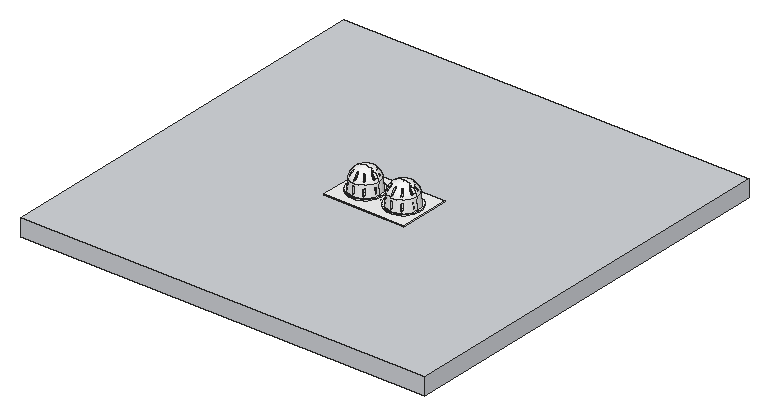
Revit family
Parameters (values of type "2"")
  WFU = 0
  URL = "WWW.MIFAB.COM"
  Top Width = 19.000"
  Top Length = 12.000"
  Roof Drain Material = Paint - Sherwin Williams Paint - #952C2A - Bellwood Red
  Pipe Radius = 1.000"
  Pipe Diameter = Pipe Radius * 2  # 2.000"
  Overflow Standpipe Height = 2.250"
  Model = "R1150"
  Manufacturer = "MIFAB"
  Description = "COMBINED ROOF DRAIN AND SECONDARY OVERFLOW SYSTEM"
  Default Elevation = 0.000"
  Body Height = 2.500"
Types (4): name | Pipe Radius | Pipe Diameter
  (no name) | 1.000" | 2.000"
  2" | 1.000" | 2.000"
  3" | 1.500" | 3.000"
  4" | 2.000" | 4.000"
Reference planes (in)
  plane 1 "Center (Front/Back)": y = 0
  plane 2: z = 0
  plane 3 "Center (Left/Right)": x = 0
  plane 4: z = -4.00327
  plane 5: x = -4.5
  plane 6: x = 4.5
  plane 7: y = 6
  plane 8: x = -9.5
  plane 9: x = 9.5
  plane 10: y = -6
  plane 11: z = -2.5
  plane 12: z = 5.5
  plane 13: z = 2.25
Forms (in)
  Extrusion 1, solid
    sketch origin (0, 0, 0) x (1, 0, 0) y (0, 1, 0)
      loop
        line (-48, 48) -> (-48, -48) -> (48, -48) -> (48, 48) -> (-48, 48)
    from 0 to -4
  Extrusion 2, solid, material "Paint - Sherwin Williams Paint - #952C2A - Bellwood Red" <- "Roof Drain Material"
    sketch origin (0, 0, 0) x (1, 0, 0) y (0, 1, 0)
      loop
        line (-9.5, 6) -> (-9.5, -6) -> (9.5, -6) -> (9.5, 6) -> (-9.5, 6)
      loop
        circle (-4.5, 0) r 1
      loop
        circle (4.5, 0) r 1
    from 0 to 0.2085
Lines and regions (in)
  symbolic lines
    curve 1: line (-9.5, 6, 0) -> (9.5, 6, 0)
    curve 2: line (-9.5, -6, 0) -> (-9.5, 6, 0)
    curve 3: line (9.5, -6, 0) -> (-9.5, -6, 0)
    curve 4: line (9.5, 6, 0) -> (9.5, -6, 0)
    curve 5: circle (-4.5, 0, 0) r 4 normal (0, 0, 1)
    curve 6: circle (-4.5, 0, 0) r 3.48319 normal (0, 0, 1)
    curve 7: circle (-4.5, 0, 0) r 3.25295 normal (0, 0, 1)
    curve 8: circle (4.5, 0, 0) r 4 normal (0, 0, 1)
    curve 9: circle (4.5, 0, 0) r 3.48645 normal (0, 0, 1)
    curve 10: circle (4.5, 0, 0) r 3.25295 normal (0, 0, 1)
  symbolic lines, style "PlumbingFixturesHiddenLines"
    curve 11: circle (-4.5, 0, 0) r 1 normal (0, 0, 1)
    curve 12: circle (4.5, 0, 0) r 1 normal (0, 0, 1)
Dimensions and locks (in)
  equal spacing: plane 6, plane 3 "Center (Left/Right)", plane 5
  plane 6 to plane 5 = 9.000"
  equal spacing: plane 7, plane 1 "Center (Front/Back)", plane 10
  "Top Length": plane 7 to plane 10
  equal spacing: plane 8, plane 3 "Center (Left/Right)", plane 9
  "Top Width": plane 8 to plane 9
  "Body Height": level to plane 11
  plane 12 to level = 5.500"
  "Overflow Standpipe Height": plane 13 to level
  "Pipe Radius": radius of Extrusion 2 sketch curve  (x2)
  "Pipe Radius": radius of curve 11
  "Pipe Radius": radius of curve 12
  aligned and locked: plane 2 to Extrusion 1
  aligned and locked: level to Extrusion 1
  aligned and locked: plane 1 "Center (Front/Back)" to nested 1
  aligned and locked: plane 5 to nested 1
  aligned and locked: plane 1 "Center (Front/Back)" to nested 2
  aligned and locked: nested 2 to plane 6
  aligned and locked: Extrusion 2 sketch curve to plane 7
  aligned and locked: plane 8 to Extrusion 2 sketch curve
  aligned and locked: Extrusion 2 sketch curve to plane 10
  aligned and locked: plane 9 to Extrusion 2 sketch curve
  aligned and locked: Extrusion 2 to nested 2
  aligned and locked: plane 5 to Extrusion 2 sketch curve
  aligned and locked: plane 6 to Extrusion 2 sketch curve
  aligned and locked: plane 1 "Center (Front/Back)" to Extrusion 2 sketch curve  (x2)
  aligned and locked: curve 1 to Extrusion 2
  aligned and locked: curve 2 to Extrusion 2
  aligned and locked: curve 3 to Extrusion 2
  aligned and locked: curve 4 to Extrusion 2
Automatic sketch dimensions
  Extrusion 1 sketch curve to Extrusion 1 sketch curve = 96.000"  (x2)
  curve 5 to curve 11 = 0.000"  (x2)
  curve 6 to curve 7 = 0.000"  (x2)
  curve 6 to curve 11 = 0.000"
  curve 7 to curve 11 = 0.000"
  curve 8 to curve 9 = 0.000"
  curve 8 to curve 10 = 0.000"
  curve 8 to curve 12 = 0.000"
  curve 9 to curve 12 = 0.000"
  curve 10 to curve 12 = 0.000"  (x2)
  plane 1 "Center (Front/Back)" to curve 7 = 0.000"
  curve 7 to plane 5 = 0.000"
  plane 1 "Center (Front/Back)" to curve 10 = 0.000"
  curve 10 to plane 6 = 0.000"
  radius of curve 5 = 4.000"
  radius of curve 6 = 3.48319"
  radius of curve 7 = 3.25295"
  radius of curve 8 = 4.000"
  radius of curve 9 = 3.48645"
  radius of curve 10 = 3.25295"
Nested families (in)
  nested 1: "R1100" at (-4.5, 0, 0), type "2""
  nested 2: "R11" at (4.5, 0, 0), type "R11"
Connectors (in)
  piping at (-4.5, 0, -2.5), driven by "Pipe Radius", driven by "WFU"
    settings: on nested 1, index 1, connector radius 1", flow factor 0, pipe flow 0 GPM, pressure drop 0.00 psi, fitting loss kfactor 0, connector angle 0.00°, fixture units 0, flow configuration 3, flow direction 2, fitting loss method 0, system type 16, connector reference index -1, connector utility 0, adjustable connector no, is connector primary yes, fitting loss table "", connector description "Sanitary Out"
  piping at (4.5, 0, -2.25), driven by "Pipe Radius", driven by "WFU"
    settings: on nested 2, index 2, connector radius 1", flow factor 0, pipe flow 0 GPM, pressure drop 0.00 psi, fitting loss kfactor 0, connector angle 0.00°, fixture units 0, flow configuration 3, flow direction 2, fitting loss method 0, system type 16, connector reference index -1, connector utility 0, adjustable connector no, is connector primary no, fitting loss table "", connector description "Sanitary Out"
Definition of nested family "R1100"
  Parameters (values of type "6"")
    URL = "WWW.MIFAB.COM"
    Roof Drain = Paint - Sherwin Williams Paint - #952C2A - Bellwood Red
    R1 = 4.000"
    Pipe Radius = 2.000"
    Pipe Diameter = Pipe Radius * 2  # 4.000"
    Model = "R1100"
    Manufacturer = "MIFAB"
    H3 = Body Height / 3.375  # 1.40741"
    H2 = Body Height / 1.99  # 2.38693"
    H1 = Body Height / 1.53  # 3.10458"
    Description = "STANDARD ROOF DRAIN"
    Default Elevation = 48.000"
    Body Height = 4.750"
    Assembly Code = ""
  Reference planes (in)
    plane 1 "Center (Front/Back)": y = 0
    plane 2: z = 0
    plane 3 "Center (Left/Right)": x = 0
    plane 4: x = 2.2
    plane 5: x = 3.375
    plane 6: x = 3.65625
    plane 7: x = 4
    plane 8: x = 4.5
    plane 9: x = 2
    plane 10: z = -4.75
    plane 11: z = -3.10458
    plane 12: z = -2.38693
    plane 13: z = -0.2
    plane 14: z = 0.2085
    plane 15: z = -1.40741
    plane 16: x = 3.5
    plane 17: z = 5.5
    plane 18: x = 3.05538
    plane 19: x = 3.29924
    plane 20: z = 2.5
    plane 21: z = 0.7
    plane 22: z = 3.45879
    plane 23: z = 4.85879
    plane 24: x = -0.25
    plane 25: x = 0.25
  Forms (in)
    Extrusion 1, solid
      sketch origin (0, 0, 0) x (1, 0, 0) y (0, 1, 0)
        loop
          line (-48, 48) -> (-48, -48) -> (48, -48) -> (48, 48) -> (-48, 48)
      from 0 to -4
    Revolve 2, solid, material "Paint - Sherwin Williams Paint - #952C2A - Bellwood Red" <- "Roof Drain"
      sketch origin (0, 0, 0) x (1, 0, 0) y (0, 0, 1)
        loop
          line (2.2, -4.75) -> (2.2, -3.10458) -> (3.375, -2.38693) -> (3.375, -0.20625) -> (4.5, -0.20625) -> (4.5, 0) -> (3.175, 0) -> (3.175, -2.27279) -> (2, -2.99043) -> (2, -4.75) -> (2.2, -4.75)
        axis (0, 0) -> (0, -4.75)
      angle from 0 to 360
    Revolve 3, solid, material "Paint - Sherwin Williams Paint - #952C2A - Bellwood Red" <- "Roof Drain"
      sketch origin (0, 0, 0) x (1, 0, 0) y (0, 0, 1)
        loop
          line (3.29924, 0.2085) -> (4, 0.2085) -> (4, 0.40062) -> (3.48319, 0.40062) -> (3.25295, 3.03231)
          arc (3.25295, 3.03231) -> (2.03969, 4.81086) -> (0, 5.5) r 3.3898
          line (0, 5.5) -> (0, 5.3)
          arc (0, 5.3) -> (1.91161, 4.65697) -> (3.05538, 2.99578) r 3.1898
          line (3.05538, 2.99578) -> (3.29924, 0.2085)
        axis (0, 0.2085) -> (0, 5.5)
      angle from 0 to 360
    Extrusion 4, void
      sketch origin (0, -0.03234, 0) x (1, 0, 0) y (0, 0, 1)
        loop
          arc (-0.05, 2.5) -> (-0.19142, 2.44142) -> (-0.25, 2.3) r 0.2
          line (-0.25, 2.3) -> (-0.25, 0.9)
          arc (-0.25, 0.9) -> (-0.19142, 0.75858) -> (-0.05, 0.7) r 0.2
          line (-0.05, 0.7) -> (0.05, 0.7)
          arc (0.05, 0.7) -> (0.19142, 0.75858) -> (0.25, 0.9) r 0.2
          line (0.25, 0.9) -> (0.25, 2.3)
          arc (0.25, 2.3) -> (0.19142, 2.44142) -> (0.05, 2.5) r 0.2
          line (0.05, 2.5) -> (-0.05, 2.5)
        loop
          arc (-0.05, 4.85879) -> (-0.19142, 4.80022) -> (-0.25, 4.65879) r 0.2
          line (-0.25, 4.65879) -> (-0.25, 3.65879)
          arc (-0.25, 3.65879) -> (-0.19142, 3.51737) -> (-0.05, 3.45879) r 0.2
          line (-0.05, 3.45879) -> (0.05, 3.45879)
          arc (0.05, 3.45879) -> (0.19142, 3.51737) -> (0.25, 3.65879) r 0.2
          line (0.25, 3.65879) -> (0.25, 4.65879)
          arc (0.25, 4.65879) -> (0.19142, 4.80022) -> (0.05, 4.85879) r 0.2
          line (0.05, 4.85879) -> (-0.05, 4.85879)
      from -4.11868 to 4.08293
    Extrusion 5, void
      sketch origin (-0.04776, 0.00236, 0) x (0.309017, -0.951057, 0) y (0, 0, 1)
        loop
          arc (-0.05, 2.5) -> (-0.19142, 2.44142) -> (-0.25, 2.3) r 0.2
          line (-0.25, 2.3) -> (-0.25, 0.9)
          arc (-0.25, 0.9) -> (-0.19142, 0.75858) -> (-0.05, 0.7) r 0.2
          line (-0.05, 0.7) -> (0.05, 0.7)
          arc (0.05, 0.7) -> (0.19142, 0.75858) -> (0.25, 0.9) r 0.2
          line (0.25, 0.9) -> (0.25, 2.3)
          arc (0.25, 2.3) -> (0.19142, 2.44142) -> (0.05, 2.5) r 0.2
          line (0.05, 2.5) -> (-0.05, 2.5)
        loop
          arc (-0.05, 4.85879) -> (-0.19142, 4.80022) -> (-0.25, 4.65879) r 0.2
          line (-0.25, 4.65879) -> (-0.25, 3.65879)
          arc (-0.25, 3.65879) -> (-0.19142, 3.51737) -> (-0.05, 3.45879) r 0.2
          line (-0.05, 3.45879) -> (0.05, 3.45879)
          arc (0.05, 3.45879) -> (0.19142, 3.51737) -> (0.25, 3.65879) r 0.2
          line (0.25, 3.65879) -> (0.25, 4.65879)
          arc (0.25, 4.65879) -> (0.19142, 4.80022) -> (0.05, 4.85879) r 0.2
          line (0.05, 4.85879) -> (-0.05, 4.85879)
      from -4.11868 to 4.08293
    Extrusion 6, void
      sketch origin (0.04776, 0.00236, 0) x (0.309017, 0.951057, 0) y (0, 0, 1)
        loop
          arc (-0.05, 2.5) -> (-0.19142, 2.44142) -> (-0.25, 2.3) r 0.2
          line (-0.25, 2.3) -> (-0.25, 0.9)
          arc (-0.25, 0.9) -> (-0.19142, 0.75858) -> (-0.05, 0.7) r 0.2
          line (-0.05, 0.7) -> (0.05, 0.7)
          arc (0.05, 0.7) -> (0.19142, 0.75858) -> (0.25, 0.9) r 0.2
          line (0.25, 0.9) -> (0.25, 2.3)
          arc (0.25, 2.3) -> (0.19142, 2.44142) -> (0.05, 2.5) r 0.2
          line (0.05, 2.5) -> (-0.05, 2.5)
        loop
          arc (-0.05, 4.85879) -> (-0.19142, 4.80022) -> (-0.25, 4.65879) r 0.2
          line (-0.25, 4.65879) -> (-0.25, 3.65879)
          arc (-0.25, 3.65879) -> (-0.19142, 3.51737) -> (-0.05, 3.45879) r 0.2
          line (-0.05, 3.45879) -> (0.05, 3.45879)
          arc (0.05, 3.45879) -> (0.19142, 3.51737) -> (0.25, 3.65879) r 0.2
          line (0.25, 3.65879) -> (0.25, 4.65879)
          arc (0.25, 4.65879) -> (0.19142, 4.80022) -> (0.05, 4.85879) r 0.2
          line (0.05, 4.85879) -> (-0.05, 4.85879)
      from -4.11868 to 4.08293
    Extrusion 7, void
      sketch origin (0.02952, 0.0585, 0) x (-0.809017, 0.587785, 0) y (0, 0, 1)
        loop
          arc (-0.05, 2.5) -> (-0.19142, 2.44142) -> (-0.25, 2.3) r 0.2
          line (-0.25, 2.3) -> (-0.25, 0.9)
          arc (-0.25, 0.9) -> (-0.19142, 0.75858) -> (-0.05, 0.7) r 0.2
          line (-0.05, 0.7) -> (0.05, 0.7)
          arc (0.05, 0.7) -> (0.19142, 0.75858) -> (0.25, 0.9) r 0.2
          line (0.25, 0.9) -> (0.25, 2.3)
          arc (0.25, 2.3) -> (0.19142, 2.44142) -> (0.05, 2.5) r 0.2
          line (0.05, 2.5) -> (-0.05, 2.5)
        loop
          arc (-0.05, 4.85879) -> (-0.19142, 4.80022) -> (-0.25, 4.65879) r 0.2
          line (-0.25, 4.65879) -> (-0.25, 3.65879)
          arc (-0.25, 3.65879) -> (-0.19142, 3.51737) -> (-0.05, 3.45879) r 0.2
          line (-0.05, 3.45879) -> (0.05, 3.45879)
          arc (0.05, 3.45879) -> (0.19142, 3.51737) -> (0.25, 3.65879) r 0.2
          line (0.25, 3.65879) -> (0.25, 4.65879)
          arc (0.25, 4.65879) -> (0.19142, 4.80022) -> (0.05, 4.85879) r 0.2
          line (0.05, 4.85879) -> (-0.05, 4.85879)
      from -4.11868 to 4.08293
    Extrusion 8, void
      sketch origin (-0.02952, 0.0585, 0) x (-0.809017, -0.587785, 0) y (0, 0, 1)
        loop
          arc (-0.05, 2.5) -> (-0.19142, 2.44142) -> (-0.25, 2.3) r 0.2
          line (-0.25, 2.3) -> (-0.25, 0.9)
          arc (-0.25, 0.9) -> (-0.19142, 0.75858) -> (-0.05, 0.7) r 0.2
          line (-0.05, 0.7) -> (0.05, 0.7)
          arc (0.05, 0.7) -> (0.19142, 0.75858) -> (0.25, 0.9) r 0.2
          line (0.25, 0.9) -> (0.25, 2.3)
          arc (0.25, 2.3) -> (0.19142, 2.44142) -> (0.05, 2.5) r 0.2
          line (0.05, 2.5) -> (-0.05, 2.5)
        loop
          arc (-0.05, 4.85879) -> (-0.19142, 4.80022) -> (-0.25, 4.65879) r 0.2
          line (-0.25, 4.65879) -> (-0.25, 3.65879)
          arc (-0.25, 3.65879) -> (-0.19142, 3.51737) -> (-0.05, 3.45879) r 0.2
          line (-0.05, 3.45879) -> (0.05, 3.45879)
          arc (0.05, 3.45879) -> (0.19142, 3.51737) -> (0.25, 3.65879) r 0.2
          line (0.25, 3.65879) -> (0.25, 4.65879)
          arc (0.25, 4.65879) -> (0.19142, 4.80022) -> (0.05, 4.85879) r 0.2
          line (0.05, 4.85879) -> (-0.05, 4.85879)
      from -4.11868 to 4.08293
  Cuts and joins
    Extrusion 4, Extrusion 5, Extrusion 6, Extrusion 7, Extrusion 8 cuts Revolve 3
  Dimensions and locks (in)
    "Pipe Radius": plane 9 to plane 3 "Center (Left/Right)"
    locked: plane 4 to plane 9 at 0.2
    "R1": plane 7 to plane 3 "Center (Left/Right)"
    plane 5 to plane 3 "Center (Left/Right)" = 3.375"
    plane 6 to plane 3 "Center (Left/Right)" = 3.65625"
    plane 8 to plane 3 "Center (Left/Right)" = 4.500"
    "Body Height": level to plane 10
    level to plane 13 = 0.200"
    locked: plane 16 to plane 3 "Center (Left/Right)" at 3.5
    locked: plane 17 to level at 5.5
    plane 18 to plane 19 to plane 16 = 0.24386" locked, 0.20076" locked
    locked: Revolve 3 sketch curve to Revolve 3 sketch curve at 0.2
    "H3": level to plane 15
    "H2": Extrusion 1 to plane 12
    "H1": level to plane 11
    plane 23 to plane 22 to plane 20 to plane 21 to level = 1.400" locked, 0.95879" locked, 1.800" locked, 0.700" locked
    radius of Revolve 3 sketch curve = 3.1898"
    radius of Revolve 3 sketch curve = 3.3898"
    aligned and locked: plane 2 to Extrusion 1
    aligned and locked: level to Extrusion 1
    aligned and locked: Revolve 2 sketch curve to plane 10
    aligned and locked: Revolve 2 sketch curve to plane 4
    aligned and locked: Revolve 2 sketch curve to plane 5
    aligned and locked: Revolve 2 sketch curve to plane 8
    aligned and locked: Revolve 2 sketch curve to plane 3 "Center (Left/Right)"
    aligned and locked: plane 9 to Revolve 2 sketch curve
    aligned and locked: plane 3 "Center (Left/Right)" to Revolve 3 sketch curve
    aligned and locked: Revolve 3 sketch curve to plane 3 "Center (Left/Right)"
    aligned and locked: plane 19 to Revolve 3 sketch curve
    aligned and locked: plane 18 to Revolve 3 sketch curve
    aligned and locked: Revolve 3 sketch curve to plane 7
    aligned and locked: Extrusion 1 to Revolve 2 sketch curve
  Automatic sketch dimensions
    Extrusion 1 sketch curve to Extrusion 1 sketch curve = 96.000"  (x2)
    Revolve 2 sketch curve to plane 11 = 0.000"
    Revolve 2 sketch curve to plane 12 = 0.000"
    Revolve 2 sketch curve to plane 5 = 0.200"
    plane 10 to Revolve 2 sketch curve = 5.000"
    Revolve 2 sketch curve to Revolve 2 sketch curve = 11.000"
    Revolve 2 sketch curve to plane 11 = 0.11414"
    Revolve 2 sketch curve to plane 12 = 0.11414"
    Extrusion 4 sketch curve to Extrusion 4 sketch curve = 0.000"
    Extrusion 4 sketch curve to Extrusion 4 sketch curve = 0.200"  (x6)
    Extrusion 4 sketch curve to Extrusion 4 sketch curve = 0.100"  (x4)
    Extrusion 4 sketch curve to Extrusion 4 sketch curve = 1.400"
    Extrusion 4 sketch curve to Extrusion 4 sketch curve = 0.95879"
    Extrusion 4 sketch curve to Extrusion 4 sketch curve = 1.000"
    Extrusion 5 sketch curve to Extrusion 5 sketch curve = 0.000"
    Extrusion 5 sketch curve to Extrusion 5 sketch curve = 0.200"  (x6)
    Extrusion 5 sketch curve to Extrusion 5 sketch curve = 0.100"  (x4)
    Extrusion 5 sketch curve to Extrusion 5 sketch curve = 1.400"
    Extrusion 5 sketch curve to Extrusion 5 sketch curve = 0.95879"
    Extrusion 5 sketch curve to Extrusion 5 sketch curve = 1.000"
    Extrusion 6 sketch curve to Extrusion 6 sketch curve = 0.000"
    Extrusion 6 sketch curve to Extrusion 6 sketch curve = 0.200"  (x6)
    Extrusion 6 sketch curve to Extrusion 6 sketch curve = 0.100"  (x4)
    Extrusion 6 sketch curve to Extrusion 6 sketch curve = 1.400"
    Extrusion 6 sketch curve to Extrusion 6 sketch curve = 0.95879"
    Extrusion 6 sketch curve to Extrusion 6 sketch curve = 1.000"
    Extrusion 7 sketch curve to Extrusion 7 sketch curve = 0.000"
    Extrusion 7 sketch curve to Extrusion 7 sketch curve = 0.200"  (x6)
    Extrusion 7 sketch curve to Extrusion 7 sketch curve = 0.100"  (x4)
    Extrusion 7 sketch curve to Extrusion 7 sketch curve = 1.400"
    Extrusion 7 sketch curve to Extrusion 7 sketch curve = 0.95879"
    Extrusion 7 sketch curve to Extrusion 7 sketch curve = 1.000"
    Extrusion 8 sketch curve to Extrusion 8 sketch curve = 0.000"
    Extrusion 8 sketch curve to Extrusion 8 sketch curve = 0.200"  (x6)
    Extrusion 8 sketch curve to Extrusion 8 sketch curve = 0.100"  (x4)
    Extrusion 8 sketch curve to Extrusion 8 sketch curve = 1.400"
    Extrusion 8 sketch curve to Extrusion 8 sketch curve = 0.95879"
    Extrusion 8 sketch curve to Extrusion 8 sketch curve = 1.000"
    plane 13 to Revolve 2 sketch curve = 0.00625"
    Revolve 3 sketch curve to Revolve 3 sketch curve = 0.000"  (x2)
    Revolve 3 sketch curve to plane 14 = 0.19212"
    plane 16 to Revolve 3 sketch curve = 0.01681"
    Revolve 3 sketch curve to plane 17 = 0.000"
    Revolve 3 sketch curve to Revolve 3 sketch curve = 3.750"
    Revolve 3 sketch curve to Revolve 3 sketch curve = 1.000"
    Revolve 3 sketch curve to plane 14 = 0.000"
Definition of nested family "R11"
  Parameters (values of type "R11")
    URL = "WWW.MIFAB.COM"
    Roof Drain = Paint - Sherwin Williams Paint - #952C2A - Bellwood Red
    R1 = 4.000"
    Pipe Radius = 2.000"
    Pipe Diameter = Pipe Radius * 2  # 4.000"
    Model = "R1100"
    Manufacturer = "MIFAB"
    Height = 1.89551"
    H3 = Body Height / 3.375  # 0.66667"
    H2 = Body Height / 1.99  # 1.13065"
    H1 = Body Height / 1.53  # 1.47059"
    Description = "STANDARD ROOF DRAIN"
    Default Elevation = 48.000"
    Body Height = 2.250"
    Assembly Code = ""
  Reference planes (in)
    plane 1 "Center (Front/Back)": y = 0
    plane 2: z = 0
    plane 3 "Center (Left/Right)": x = 0
    plane 4: x = 2.2
    plane 5: x = 4
    plane 6: x = 2
    plane 7: z = -2.25
    plane 8: z = 0.2085
    plane 9: x = 3.5
    plane 10: z = 5.5
    plane 11: x = 3.05538
    plane 12: x = 3.29924
    plane 13: z = 2.5
    plane 14: z = 0.7
    plane 15: z = 3.45879
    plane 16: z = 4.85879
    plane 17: x = -0.25
    plane 18: x = 0.25
    plane 19: z = 1.89551
  Forms (in)
    Extrusion 1, solid
      sketch origin (0, 0, 0) x (1, 0, 0) y (0, 1, 0)
        loop
          line (-48, 48) -> (-48, -48) -> (48, -48) -> (48, 48) -> (-48, 48)
      from 0 to -4
    Revolve 2, solid, material "Paint - Sherwin Williams Paint - #952C2A - Bellwood Red" <- "Roof Drain"
      sketch origin (0, 0, 0) x (1, 0, 0) y (0, 0, 1)
        loop
          line (3.29924, 0.2085) -> (4, 0.2085) -> (4, 0.3634) -> (3.48645, 0.3634) -> (3.25295, 3.03231)
          arc (3.25295, 3.03231) -> (2.03969, 4.81086) -> (0, 5.5) r 3.3898
          line (0, 5.5) -> (0, 5.3)
          arc (0, 5.3) -> (1.91161, 4.65697) -> (3.05538, 2.99578) r 3.1898
          line (3.05538, 2.99578) -> (3.29924, 0.2085)
        axis (0, 0.2085) -> (0, 5.5)
      angle from 0 to 360
    Extrusion 3, void
      sketch origin (0, -0.03234, 0) x (1, 0, 0) y (0, 0, 1)
        loop
          arc (-0.05, 2.5) -> (-0.19142, 2.44142) -> (-0.25, 2.3) r 0.2
          line (-0.25, 2.3) -> (-0.25, 0.9)
          arc (-0.25, 0.9) -> (-0.19142, 0.75858) -> (-0.05, 0.7) r 0.2
          line (-0.05, 0.7) -> (0.05, 0.7)
          arc (0.05, 0.7) -> (0.19142, 0.75858) -> (0.25, 0.9) r 0.2
          line (0.25, 0.9) -> (0.25, 2.3)
          arc (0.25, 2.3) -> (0.19142, 2.44142) -> (0.05, 2.5) r 0.2
          line (0.05, 2.5) -> (-0.05, 2.5)
        loop
          arc (-0.05, 4.85879) -> (-0.19142, 4.80022) -> (-0.25, 4.65879) r 0.2
          line (-0.25, 4.65879) -> (-0.25, 3.65879)
          arc (-0.25, 3.65879) -> (-0.19142, 3.51737) -> (-0.05, 3.45879) r 0.2
          line (-0.05, 3.45879) -> (0.05, 3.45879)
          arc (0.05, 3.45879) -> (0.19142, 3.51737) -> (0.25, 3.65879) r 0.2
          line (0.25, 3.65879) -> (0.25, 4.65879)
          arc (0.25, 4.65879) -> (0.19142, 4.80022) -> (0.05, 4.85879) r 0.2
          line (0.05, 4.85879) -> (-0.05, 4.85879)
      from -4.11868 to 4.08293
    Extrusion 4, void
      sketch origin (-0.04776, 0.00236, 0) x (0.309017, -0.951057, 0) y (0, 0, 1)
        loop
          arc (-0.05, 2.5) -> (-0.19142, 2.44142) -> (-0.25, 2.3) r 0.2
          line (-0.25, 2.3) -> (-0.25, 0.9)
          arc (-0.25, 0.9) -> (-0.19142, 0.75858) -> (-0.05, 0.7) r 0.2
          line (-0.05, 0.7) -> (0.05, 0.7)
          arc (0.05, 0.7) -> (0.19142, 0.75858) -> (0.25, 0.9) r 0.2
          line (0.25, 0.9) -> (0.25, 2.3)
          arc (0.25, 2.3) -> (0.19142, 2.44142) -> (0.05, 2.5) r 0.2
          line (0.05, 2.5) -> (-0.05, 2.5)
        loop
          arc (-0.05, 4.85879) -> (-0.19142, 4.80022) -> (-0.25, 4.65879) r 0.2
          line (-0.25, 4.65879) -> (-0.25, 3.65879)
          arc (-0.25, 3.65879) -> (-0.19142, 3.51737) -> (-0.05, 3.45879) r 0.2
          line (-0.05, 3.45879) -> (0.05, 3.45879)
          arc (0.05, 3.45879) -> (0.19142, 3.51737) -> (0.25, 3.65879) r 0.2
          line (0.25, 3.65879) -> (0.25, 4.65879)
          arc (0.25, 4.65879) -> (0.19142, 4.80022) -> (0.05, 4.85879) r 0.2
          line (0.05, 4.85879) -> (-0.05, 4.85879)
      from -4.11868 to 4.08293
    Extrusion 5, void
      sketch origin (0.04776, 0.00236, 0) x (0.309017, 0.951057, 0) y (0, 0, 1)
        loop
          arc (-0.05, 2.5) -> (-0.19142, 2.44142) -> (-0.25, 2.3) r 0.2
          line (-0.25, 2.3) -> (-0.25, 0.9)
          arc (-0.25, 0.9) -> (-0.19142, 0.75858) -> (-0.05, 0.7) r 0.2
          line (-0.05, 0.7) -> (0.05, 0.7)
          arc (0.05, 0.7) -> (0.19142, 0.75858) -> (0.25, 0.9) r 0.2
          line (0.25, 0.9) -> (0.25, 2.3)
          arc (0.25, 2.3) -> (0.19142, 2.44142) -> (0.05, 2.5) r 0.2
          line (0.05, 2.5) -> (-0.05, 2.5)
        loop
          arc (-0.05, 4.85879) -> (-0.19142, 4.80022) -> (-0.25, 4.65879) r 0.2
          line (-0.25, 4.65879) -> (-0.25, 3.65879)
          arc (-0.25, 3.65879) -> (-0.19142, 3.51737) -> (-0.05, 3.45879) r 0.2
          line (-0.05, 3.45879) -> (0.05, 3.45879)
          arc (0.05, 3.45879) -> (0.19142, 3.51737) -> (0.25, 3.65879) r 0.2
          line (0.25, 3.65879) -> (0.25, 4.65879)
          arc (0.25, 4.65879) -> (0.19142, 4.80022) -> (0.05, 4.85879) r 0.2
          line (0.05, 4.85879) -> (-0.05, 4.85879)
      from -4.11868 to 4.08293
    Extrusion 6, void
      sketch origin (0.02952, 0.0585, 0) x (-0.809017, 0.587785, 0) y (0, 0, 1)
        loop
          arc (-0.05, 2.5) -> (-0.19142, 2.44142) -> (-0.25, 2.3) r 0.2
          line (-0.25, 2.3) -> (-0.25, 0.9)
          arc (-0.25, 0.9) -> (-0.19142, 0.75858) -> (-0.05, 0.7) r 0.2
          line (-0.05, 0.7) -> (0.05, 0.7)
          arc (0.05, 0.7) -> (0.19142, 0.75858) -> (0.25, 0.9) r 0.2
          line (0.25, 0.9) -> (0.25, 2.3)
          arc (0.25, 2.3) -> (0.19142, 2.44142) -> (0.05, 2.5) r 0.2
          line (0.05, 2.5) -> (-0.05, 2.5)
        loop
          arc (-0.05, 4.85879) -> (-0.19142, 4.80022) -> (-0.25, 4.65879) r 0.2
          line (-0.25, 4.65879) -> (-0.25, 3.65879)
          arc (-0.25, 3.65879) -> (-0.19142, 3.51737) -> (-0.05, 3.45879) r 0.2
          line (-0.05, 3.45879) -> (0.05, 3.45879)
          arc (0.05, 3.45879) -> (0.19142, 3.51737) -> (0.25, 3.65879) r 0.2
          line (0.25, 3.65879) -> (0.25, 4.65879)
          arc (0.25, 4.65879) -> (0.19142, 4.80022) -> (0.05, 4.85879) r 0.2
          line (0.05, 4.85879) -> (-0.05, 4.85879)
      from -4.11868 to 4.08293
    Extrusion 7, void
      sketch origin (-0.02952, 0.0585, 0) x (-0.809017, -0.587785, 0) y (0, 0, 1)
        loop
          arc (-0.05, 2.5) -> (-0.19142, 2.44142) -> (-0.25, 2.3) r 0.2
          line (-0.25, 2.3) -> (-0.25, 0.9)
          arc (-0.25, 0.9) -> (-0.19142, 0.75858) -> (-0.05, 0.7) r 0.2
          line (-0.05, 0.7) -> (0.05, 0.7)
          arc (0.05, 0.7) -> (0.19142, 0.75858) -> (0.25, 0.9) r 0.2
          line (0.25, 0.9) -> (0.25, 2.3)
          arc (0.25, 2.3) -> (0.19142, 2.44142) -> (0.05, 2.5) r 0.2
          line (0.05, 2.5) -> (-0.05, 2.5)
        loop
          arc (-0.05, 4.85879) -> (-0.19142, 4.80022) -> (-0.25, 4.65879) r 0.2
          line (-0.25, 4.65879) -> (-0.25, 3.65879)
          arc (-0.25, 3.65879) -> (-0.19142, 3.51737) -> (-0.05, 3.45879) r 0.2
          line (-0.05, 3.45879) -> (0.05, 3.45879)
          arc (0.05, 3.45879) -> (0.19142, 3.51737) -> (0.25, 3.65879) r 0.2
          line (0.25, 3.65879) -> (0.25, 4.65879)
          arc (0.25, 4.65879) -> (0.19142, 4.80022) -> (0.05, 4.85879) r 0.2
          line (0.05, 4.85879) -> (-0.05, 4.85879)
      from -4.11868 to 4.08293
    Revolve 8, solid, material "Paint - Sherwin Williams Paint - #952C2A - Bellwood Red" <- "Roof Drain"
      sketch origin (0, 0, 0) x (1, 0, 0) y (0, 0, 1)
        loop
          line (2, -2.25) -> (2.2, -2.25) -> (2.2, 1.89551) -> (2, 1.89551) -> (2, -2.25)
        axis (0, -2.25) -> (0, 1.89551)
      angle from 0 to 360
  Cuts and joins
    Extrusion 3, Extrusion 4, Extrusion 5, Extrusion 6, Extrusion 7 cuts Revolve 2
  Dimensions and locks (in)
    "Pipe Radius": plane 6 to plane 3 "Center (Left/Right)"
    locked: plane 4 to plane 6 at 0.2
    "R1": plane 5 to plane 3 "Center (Left/Right)"
    level to plane 7 = 2.250"
    locked: plane 9 to plane 3 "Center (Left/Right)" at 3.5
    locked: plane 10 to level at 5.5
    plane 11 to plane 12 to plane 9 = 0.24386" locked, 0.20076" locked
    locked: Revolve 2 sketch curve to Revolve 2 sketch curve at 0.2
    plane 16 to plane 15 to plane 13 to plane 14 to level = 1.400" locked, 0.95879" locked, 1.800" locked, 0.700" locked
    "Height": plane 19 to level
    radius of Revolve 2 sketch curve = 3.1898"
    radius of Revolve 2 sketch curve = 3.3898"
    aligned and locked: plane 2 to Extrusion 1
    aligned and locked: level to Extrusion 1
    aligned and locked: plane 3 "Center (Left/Right)" to Revolve 2 sketch curve
    aligned and locked: Revolve 2 sketch curve to plane 3 "Center (Left/Right)"
    aligned and locked: plane 12 to Revolve 2 sketch curve
    aligned and locked: plane 11 to Revolve 2 sketch curve
    aligned and locked: Revolve 2 sketch curve to plane 5
    aligned and locked: plane 3 "Center (Left/Right)" to Revolve 8 sketch curve
    aligned and locked: plane 6 to Revolve 8 sketch curve
    aligned and locked: plane 4 to Revolve 8 sketch curve
    aligned and locked: Revolve 8 sketch curve to plane 7
    aligned and locked: plane 19 to Revolve 8 sketch curve
  Automatic sketch dimensions
    Extrusion 1 sketch curve to Extrusion 1 sketch curve = 96.000"  (x2)
    Extrusion 3 sketch curve to Extrusion 3 sketch curve = 0.000"
    Extrusion 3 sketch curve to Extrusion 3 sketch curve = 0.200"  (x6)
    Extrusion 3 sketch curve to Extrusion 3 sketch curve = 0.100"  (x4)
    Extrusion 3 sketch curve to Extrusion 3 sketch curve = 1.400"
    Extrusion 3 sketch curve to Extrusion 3 sketch curve = 0.95879"
    Extrusion 3 sketch curve to Extrusion 3 sketch curve = 1.000"
    Extrusion 4 sketch curve to Extrusion 4 sketch curve = 0.000"
    Extrusion 4 sketch curve to Extrusion 4 sketch curve = 0.200"  (x6)
    Extrusion 4 sketch curve to Extrusion 4 sketch curve = 0.100"  (x4)
    Extrusion 4 sketch curve to Extrusion 4 sketch curve = 1.400"
    Extrusion 4 sketch curve to Extrusion 4 sketch curve = 0.95879"
    Extrusion 4 sketch curve to Extrusion 4 sketch curve = 1.000"
    Extrusion 5 sketch curve to Extrusion 5 sketch curve = 0.000"
    Extrusion 5 sketch curve to Extrusion 5 sketch curve = 0.200"  (x6)
    Extrusion 5 sketch curve to Extrusion 5 sketch curve = 0.100"  (x4)
    Extrusion 5 sketch curve to Extrusion 5 sketch curve = 1.400"
    Extrusion 5 sketch curve to Extrusion 5 sketch curve = 0.95879"
    Extrusion 5 sketch curve to Extrusion 5 sketch curve = 1.000"
    Extrusion 6 sketch curve to Extrusion 6 sketch curve = 0.000"
    Extrusion 6 sketch curve to Extrusion 6 sketch curve = 0.200"  (x6)
    Extrusion 6 sketch curve to Extrusion 6 sketch curve = 0.100"  (x4)
    Extrusion 6 sketch curve to Extrusion 6 sketch curve = 1.400"
    Extrusion 6 sketch curve to Extrusion 6 sketch curve = 0.95879"
    Extrusion 6 sketch curve to Extrusion 6 sketch curve = 1.000"
    Extrusion 7 sketch curve to Extrusion 7 sketch curve = 0.000"
    Extrusion 7 sketch curve to Extrusion 7 sketch curve = 0.200"  (x6)
    Extrusion 7 sketch curve to Extrusion 7 sketch curve = 0.100"  (x4)
    Extrusion 7 sketch curve to Extrusion 7 sketch curve = 1.400"
    Extrusion 7 sketch curve to Extrusion 7 sketch curve = 0.95879"
    Extrusion 7 sketch curve to Extrusion 7 sketch curve = 1.000"
    Revolve 2 sketch curve to Revolve 2 sketch curve = 0.000"  (x2)
    Revolve 2 sketch curve to plane 8 = 0.000"
    Revolve 2 sketch curve to plane 10 = 0.000"
    Revolve 2 sketch curve to plane 3 "Center (Left/Right)" = 0.00903"
    plane 9 to Revolve 2 sketch curve = 0.01355"
    Revolve 2 sketch curve to Revolve 2 sketch curve = 3.750"
    Revolve 2 sketch curve to Revolve 2 sketch curve = 1.000"
    plane 7 to Revolve 8 sketch curve = 0.500"
    Revolve 8 sketch curve to Revolve 8 sketch curve = 0.500"
